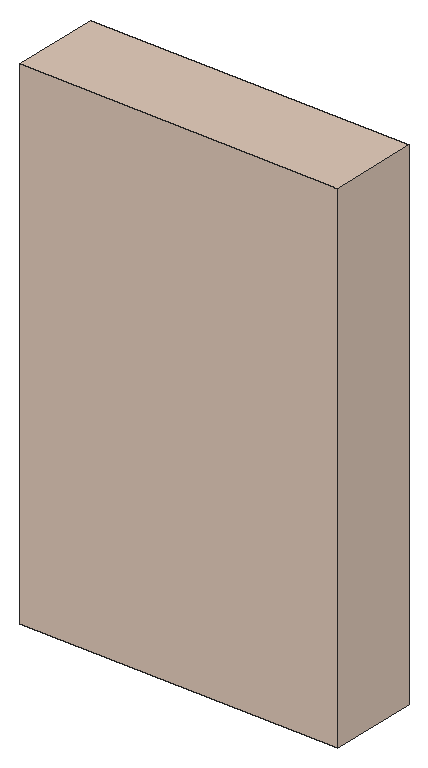
Revit family "bdeedb85-4a7b-42ad-bec7-7db95bff468b", category Generic Models, host Wall, Revit 2014
Parameters (values of type "314 Rectangular")
  Width = 1' - 2 1/4"
  URL = "www.noblecompany.com"
  Thickness = 0' - 1 1/4"
  Specification = ""
  Sales Information = "http://noblecompany.com/contact/"
  Revision = "R1_09-2016"
  Product Properties = "http://noblecompany.com/products/noble-niches"
  Product Data = "http://www.arcat.com/arcatcos/cos34/arc34489.html"
  Niche Material = Acrylic Polymer Finish
  Model = "314"
  Manufacturer Website = "www.noblecompany.com"
  Manufacturer Phone - Toll Free = "800-878-5788"
  Manufacturer Phone = "231-799-8000"
  Manufacturer Fax = "231-799-8850"
  Manufacturer Address = "P. O. Box 350, Grand Haven, MI 49417-0350"
  Manufacturer = "Noble Company"
  Keynote = "10 28 00"
  Installation-Fabrication = "http://noblecompany.com/storage/docs/resources/NN062016-13_Noble_Niche_Installation_Instruction.pdf"
  Instal Height [instance] = 5' - 0"
  Height = 1' - 10 1/2"
  Drawn By = "Sumex Design - Robert S Weygant"
  Description = "314 Rectangular NIche"
  Depth = 0' - 4"
  Copyright = "� 2016 ARCAT Inc."
  Construction Details = ""
  Assembly Code = "D2010700"
Types (2): name | Thickness | Model | Height | Description
  301 Square | 0' - 1 1/8" | "301" | 1' - 2 1/4" | "301 Square Niche"
  314 Rectangular | 0' - 1 1/4" | "314" | 1' - 10 1/2" | "314 Rectangular NIche"
Reference planes (in)
  plane 1: y = 0
  plane 2 "Center (Left/Right)": x = 0
  plane 3 "Wall Edge": y = 3
  plane 4: x = -7.125
  plane 5: y = 3.125
  plane 6: y = -0.875
  plane 7: x = 7.125
  plane 8: z = 60
  plane 9: z = 37.5
  plane 10: x = -6
  plane 11: x = 6
  plane 12: y = -0.375
  plane 13: z = 38.75
  plane 14: z = 58.75
Forms (in)
  Extrusion 1, void
    sketch origin (0, 0, 0) x (1, 0, 0) y (0, 1, 0)
      loop
        line (-7.125, 3.125) -> (-7.125, -0.875) -> (7.125, -0.875) -> (7.125, 3.125) -> (-7.125, 3.125)
    from 37.5 to 60
  Extrusion 2, solid, material "Acrylic Polymer Finish" <- "Niche Material"
    sketch origin (0, 0, 0) x (1, 0, 0) y (0, 1, 0)
      loop
        line (-7.125, 3.125) -> (-7.125, -0.875) -> (7.125, -0.875) -> (7.125, 3.125) -> (-7.125, 3.125)
    from 37.5 to 60
  Extrusion 3, void
    sketch origin (0, 3, 0) x (1, 0, 0) y (0, 0, 1)
      loop
        line (6, 58.75) -> (-6, 58.75) -> (-6, 38.75) -> (6, 38.75) -> (6, 58.75)
    from -0.125 to 3.375
Cuts and joins
  Extrusion 3 cuts Extrusion 2
Text (in)
  text "Placement Side" at (0, 40.15149, 123.01588), in view "Right"
  text "Placement Side" at (-105.78919, 39.84311, 0), in view "Ref. Level"
  text "Placement Side" at (0, 81.62555, 140.59947), in view "Left"
Dimensions and locks (in)
  locked: plane 3 "Wall Edge" to host wall
  equal spacing: plane 4, plane 2 "Center (Left/Right)", plane 7
  "Width": plane 4 to plane 7
  "Depth": plane 5 to plane 6
  locked: plane 5 to plane 3 "Wall Edge" at 0.125
  "Height": plane 9 to plane 8
  "Instal Height": level to plane 8
  locked: plane 12 to plane 6 at 0.5
  locked: plane 4 to plane 10 at 1.125
  locked: plane 11 to plane 7 at 1.125
  "Thickness": plane 14 to plane 8
  "Thickness": plane 9 to plane 13
  aligned and locked: Extrusion 1 sketch curve to plane 5
  aligned and locked: plane 4 to Extrusion 1 sketch curve
  aligned and locked: plane 6 to Extrusion 1 sketch curve
  aligned and locked: plane 7 to Extrusion 1 sketch curve
  aligned and locked: plane 8 to Extrusion 1
  aligned and locked: Extrusion 1 to plane 9
  aligned and locked: Extrusion 2 sketch curve to plane 5
  aligned and locked: plane 4 to Extrusion 2 sketch curve
  aligned and locked: plane 6 to Extrusion 2 sketch curve
  aligned and locked: plane 7 to Extrusion 2 sketch curve
  aligned and locked: plane 8 to Extrusion 2
  aligned and locked: Extrusion 2 to plane 9
  aligned and locked: plane 14 to Extrusion 3 sketch curve
  aligned and locked: plane 11 to Extrusion 3 sketch curve
  aligned and locked: plane 10 to Extrusion 3 sketch curve
  aligned and locked: Extrusion 3 to plane 12
  aligned and locked: plane 5 to Extrusion 3
  aligned and locked: Extrusion 3 sketch curve to plane 13
